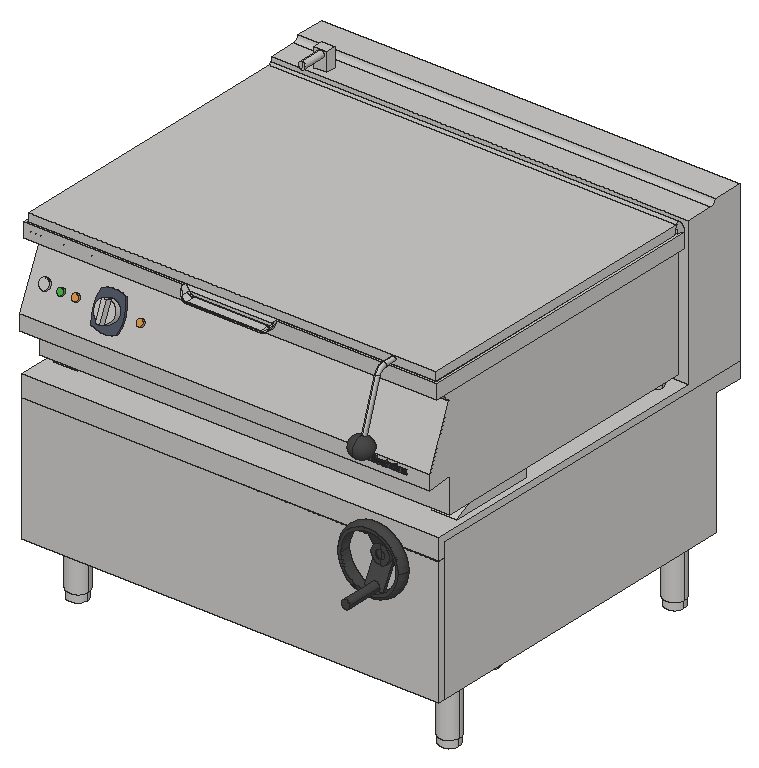
Revit family "QF_ELECTROLUXPROFESSIONAL_391140_E9BRGJDPF0", category Specialty Equipment, Revit 2018
Family settings
  Round Connector Dimension = Use Diameter
  Part Type = Normal
  Work Plane-Based = No
  Always vertical = Yes
  Cut with Voids When Loaded = No
  Shared = No
  Room Calculation Point = No
Parameters
  Width = 1000 mm  # constant formula
  Weight in Pounds = 180  # constant formula
  Watts = 250 VA  # 250 W
  Volts = 230 V  # constant formula
  URL Cutsheet = "www.electrolux.com"
  URL = "www.electrolux.com"
  Type Mark [instance] = ""
  Status [instance] = ""
  Specification by User [instance] = ""
  Specification by Manufacturer = ""
  Show Logo [instance] = yes
  Show Clearance [instance] = yes
  Serial Number = ""
  Seismic Rating = ""
  SMACNA No = ""
  Revision Code [instance] = ""
  Plumbing Remarks [instance] = ""
  Plumbing Connection Type [instance] = ""
  Phase = 1
  Omniclass Number and Title = ""
  Number of Poles [instance] = 1
  NAFEM Spec ID Number = ""
  Model = "391140"
  Min Ckt Ampacity = 0 A
  Mechanical Remarks [instance] = ""
  Mechanical Connection Type [instance] = ""
  Max Overcurrent Protection = 0 A
  Masterspec = ""
  Manufacturer = "ELECTROLUX"
  Item Number [instance] = ""
  Installed By [instance] = ""
  Identify Quantity as Lot [instance] = yes
  Height = 850 mm  # constant formula
  HP = "0.1 HP"
  Gas Size = 12.7 mm  # 1/2"
  Gas RI Height [instance] = 0 mm
  Gas KW = 27  # constant formula
  Gas Input = 26975.1 VA  # 92043.0 Btu/h
  Gas Connection Height [instance] = 0 mm
  Furnished By [instance] = ""
  Foodservice Equipment Identifier [instance] = yes
  FL Amps = if(Phase = 3, Watts / (Volts * 1.73), Watts / Volts)  # 1.08696 A
  Electrical Remarks [instance] = "230 V/1N ph/50/60 Hz"  # constant formula
  Electric Connection Type [instance] = ""
  Elec Conn RI Height [instance] = 0 mm
  Elec Conn Connection Height [instance] = 0 mm
  Direct Waste Size = 0"
  Description = "900XP GAS BRATT PAN – 100 LITER WITH DUOMAT BOTTOM"
  Depth = 915 mm  # constant formula
  Cycle [instance] = if([60 Hertz Option], 60 Hz, 50 Hz)  # 60 Hz
  Conn Plug = ""
  Conn Conduit = yes
  Cold Water Temperature Recommended [instance] = -459.67 °F
  Cold Water Size = 3/4"
  Cold Water RI Height [instance] = 0 mm
  Cold Water Minimum Pressure = 0.00 psi
  Cold Water Maximum Pressure = 0.00 psi
  Cold Water Flow [instance] = 0 GPM
  Cold Water Consumption = ""
  Cold Water Connection Height = 0 mm
  CSI MasterFormat = ""
  CSI Master Format = ""
  Assembly Code = ""
  Apparent Power = if(Phase = 3, Volts * FL Amps * 1.73, Volts * FL Amps)  # 250 VA
  60 Hertz Option [instance] = not([50 Hertz Option])  # yes
  50 Hertz Option [instance] = no
Reference planes
  plane 1 "BACK": y = 0
  plane 2: z = 0
  plane 3 "LEFT": x = 0
  plane 4 "RIGHT": x = 1000
  plane 5 "FRONT": y = -915
  plane 6 "TOP": z = 898
  plane 7 "Center Y": x = 500
  plane 8 "Center X": y = -457.5
  plane 9 "Base": z = 149
  plane 10: z = 502.193
  plane 11: z = 1653
  plane 12: y = -125
  plane 13: y = -799
  plane 14: y = -1034
  plane 15: x = 55
  plane 16: y = -160.853
  plane 17: x = 945
  plane 18: y = -1014
  plane 19: y = -899.182
  plane 20: x = 986
  plane 21: z = 850
  plane 22 "Connection": z = 182
  plane 23: y = -706
  plane 24: x = 265
  plane 25: x = 105
  plane 26: x = 195
Forms (mm)
  Revolve 1, solid, material "QF_Finishes_Stainless Steel"
    sketch origin (0, -125, 0) x (1, 0, 0) y (0, 0, 1)
      loop
        line (55, 0) -> (55, 149) -> (29.6, 149) -> (29.6, 19.05) -> (32.1, 19.05) -> (32.1, 0) -> (55, 0)
      axis (55, 0) -> (55, 149)
    angle from 0 to 360
  Revolve 2, solid, material "QF_Finishes_Stainless Steel"
    sketch origin (0, -799, 0) x (1, 0, 0) y (0, 0, 1)
      loop
        line (55, 0) -> (55, 149) -> (29.6, 149) -> (29.6, 19.05) -> (32.1, 19.05) -> (32.1, 0) -> (55, 0)
      axis (55, 0) -> (55, 149)
    angle from 0 to 360
  Extrusion 3, solid, material "QF_Finishes_Stainless Steel"
    sketch origin (0, -214.682, 0) x (0, 1, 0) y (0, 0, 1)
      loop
        line (214.682, 487.193) -> (214.682, 866.248) -> (143.055, 866.248)
        arc (143.055, 866.248) -> (139.432, 857.502) -> (130.686, 853.88) r 12.368
        line (130.686, 853.88) -> (64.682, 853.88) -> (64.682, 502.193) -> (-684.5, 502.193) -> (-684.5, 452.193) -> (-669.5, 452.193) -> (-669.5, 487.193) -> (214.682, 487.193)
      loop
        line (-669.5, 149) -> (-669.5, 451.193) -> (-684.5, 451.193) -> (-684.5, 149) -> (-669.5, 149)
    from 0 to 1000
  Extrusion 4, solid, material "QF_Finishes_Stainless Steel"
    sketch origin (0, -214.682, 0) x (0, 1, 0) y (0, 0, 1)
      loop
        line (44.029, 528.406) -> (44.029, 817.127) -> (-678.5, 817.127) -> (-678.5, 809.681) -> (-643.264, 774.446) -> (-700.318, 641.094) -> (-700.318, 606.094) -> (-640.765, 613.406) -> (-640.765, 528.406) -> (44.029, 528.406)
    from 10 to 990
  Sweep 5, solid, material "QF_Finishes_Stainless Steel"
    path origin (0, -204.882, 145) x (-1, 0, 0) y (0, -1, 0)
      loop
        line (-389.998, 694.3) -> (-5, 694.3) -> (-5, -44.029) -> (-995, -44.029) -> (-995, 694.3) -> (-610.002, 694.3)
    profile origin (802.501, -899.182, 145) x (0, -1, 0) y (0, 0, 1)
      loop
        line (-5, 651.359) -> (0, 651.359) -> (0, 685.301) -> (-6, 685.301) -> (-6, 681.062) -> (-5, 681.062) -> (-5, 651.359)
  Extrusion 6, solid, material "QF_Finishes_Stainless Steel"
    sketch origin (0, -214.682, -5) x (0, 1, 0) y (0, 0, 1)
      loop
        line (33.715, 835.301) -> (42.572, 855) -> (-677.138, 855) -> (-677.138, 835.301) -> (33.715, 835.301)
      loop
        arc (64.305, 837.022) -> (57.071, 850.749) -> (45.92, 861.539) r 49.182
        line (45.92, 861.539) -> (39.069, 846.301) -> (45.904, 846.301) -> (45.904, 832.604) -> (64.305, 814.204) -> (64.305, 837.022)
    from 12.363 to 987.637
  Extrusion 7, solid, material "QF_Finishes_Stainless Steel"
    sketch origin (0, -214.682, 0) x (0, 1, 0) y (0, 0, 1)
      loop
        line (-403.818, 528.406) -> (-556.057, 528.406) -> (-609.801, 502.193) -> (-403.818, 502.193) -> (-403.818, 528.406)
    from 16.63 to 76.513
  Extrusion 8, solid, material "QF_Finishes_Stainless Steel"
    sketch origin (0, -207.182, 150) x (-1, 0, 0) y (0, -1, 0)
      loop
        circle (-953.429, -17.496) r 15
      loop
        circle (-46.571, -17.496) r 15
    from 352.193 to 378.406
  Extrusion 9, solid, material "QF_Finishes_Stainless Steel"
    sketch origin (0, -64.682, 0) x (0, 1, 0) y (0, 0, 1)
      loop
        line (-43.387, 853.88) -> (-43.387, 898) -> (-67.444, 898) -> (-67.444, 853.88) -> (-43.387, 853.88)
    from 87.469 to 116.843
  Revolve 10, solid, material "QF_Finishes_Stainless Steel"
    sketch origin (103.25, -64.682, 0) x (0, 1, 0) y (0, 0, 1)
      loop
        line (-67.444, 888.097) -> (-67.444, 896.222) -> (-123.629, 896.222) -> (-123.629, 888.097) -> (-67.444, 888.097)
      axis (-123.629, 888.097) -> (-67.444, 888.097)
    angle from 0 to 360
  Extrusion 11, solid, material "QF_Clearances", visible <- "Show Clearance", detail levels coarse
    sketch origin (0, -214.682, 0) x (1, 0, 0) y (0, 1, 0)
      loop
        line (1000, 214.682) -> (1000, -700.318) -> (1050, -700.318) -> (1050, 264.682) -> (-50, 264.682) -> (-50, -700.318) -> (0, -700.318) -> (0, 214.682) -> (1000, 214.682)
    from 0 to 898
  Extrusion 12, solid, material "QF_Finishes_Stainless Steel"
    sketch origin (1000, 0, 0) x (0, 1, 0) y (0, 0, 1)
      loop
        line (-884.182, 149) -> (-69, 149) -> (-69, 448) -> (0, 448) -> (0, 487.193) -> (-884.182, 487.193) -> (-884.182, 149)
    from 0 to -1000
  Revolve 13, solid, material "QF_Finishes_Stainless Steel"
    sketch origin (1000, -125, 0) x (-1, 0, 0) y (0, 0, -1)
      loop
        line (55, 0) -> (32.1, 0) -> (32.1, -19.05) -> (29.6, -19.05) -> (29.6, -149) -> (55, -149) -> (55, 0)
      axis (55, 0) -> (55, -149)
    angle from 0 to 360
  Revolve 14, solid, material "QF_Finishes_Stainless Steel"
    sketch origin (1000, -799, 0) x (-1, 0, 0) y (0, 0, -1)
      loop
        line (55, 0) -> (32.1, 0) -> (32.1, -19.05) -> (29.6, -19.05) -> (29.6, -149) -> (55, -149) -> (55, 0)
      axis (55, 0) -> (55, -149)
    angle from 0 to 360
  Extrusion 15, solid, material "QF_Finishes_Stainless Steel"
    sketch origin (1000, -69, 149) x (-1, 0, 0) y (0, 1, 0)
      loop
        circle (14, -649.182) r 12.7
    from 0 to 5
  Extrusion 16, solid, material "QF_Finishes_Stainless Steel"
    sketch origin (-3.75, -899.182, 149) x (0, 0, 1) y (-1, 0, 0)
      loop
        circle (289.443, -888.75) r 30
    from 0 to 5
  Extrusion 17, solid, material "QF_Finishes_Stainless Steel"
    sketch origin (0, 0, 182) x (-1, 0, 0) y (0, -1, 0)
      loop
        circle (-105, 706) r 6.35
    from 0 to 45
  Extrusion 18, solid, material "QF_Finishes_Stainless Steel"
    sketch origin (21.213, 21.213, 182) x (-1, 0, 0) y (0, -1, 0)
      loop
        circle (-173.787, 719.213) r 6.35
    from 0 to 45
  Extrusion 19, solid, material "QF_Finishes_Stainless Steel"
    sketch origin (130, 0, 182) x (-1, 0, 0) y (0, -1, 0)
      loop
        circle (-135, 706) r 6.35
    from 0 to 45
  Sweep 20, solid, material "QF_Finishes_Black"
    path origin (10, -200.682, -28.57) x (1, 0, 0) y (0, 0, 1)
      loop
        circle (875, 467.193) r 80
    profile origin (885, -200.682, 518.623) x (0, 0, -1) y (0, -1, 0)
      loop
        arc (7.394, 765.784) -> (0.586, 756.102) -> (1.641, 744.313) r 17.21
        line (1.641, 744.313) -> (7.394, 740.784) -> (14.116, 740.784) -> (14.116, 765.784) -> (7.394, 765.784)
  Extrusion 21, solid, material "QF_Finishes_Black"
    sketch origin (10, -200.682, -28.57) x (1, 0, 0) y (0, 0, 1)
      loop
        circle (875, 406.31) r 10
    from 742.86 to 833.318
  Extrusion 22, solid, material "QF_Finishes_Orange"
    sketch origin (9.372, -901.482, 672.689) x (0, 0.393353, 0.919387) y (-1, 0, 0)
      loop
        circle (34.513, -113.251) r 8
    from 0 to 3.175
  Extrusion 23, solid, material "QF_Finishes_Green"
    sketch origin (14.068, -901.51, 672.624) x (0, 0.393353, 0.919387) y (-1, 0, 0)
      loop
        circle (34.513, -73.251) r 8
    from 0 to 3.175
  Extrusion 24, solid, material "QF_Finishes_Stainless Steel"
    sketch origin (-159.296, -918.156, 641.79) x (0, 0.393353, 0.919387) y (-1, 0, 0)
      loop
        circle (68.826, -362.213) r 25.4
    from 0 to 12.7
  Extrusion 25, solid, material "QF_Finishes_Stainless Steel"
    sketch origin (-159.296, -929.832, 646.786) x (0, 0.393353, 0.919387) y (-1, 0, 0)
      loop
        arc (93.558, -367.999) -> (94.226, -362.213) -> (93.558, -356.427) r 25.4
        line (93.558, -356.427) -> (44.094, -356.427)
        arc (44.094, -356.427) -> (43.426, -362.213) -> (44.094, -367.999) r 25.4
        line (44.094, -367.999) -> (93.558, -367.999)
    from 0 to 12.7
  Extrusion 26, solid, material "QF_Finishes_Stainless Steel"
    sketch origin (-189.063, -915, 641.094) x (0, 0.393353, 0.919387) y (-1, 0, 0)
      loop
        circle (71.473, -236.635) r 12.7
    from 0 to 3.2
  Extrusion 27, solid, material "QF_Finishes_Orange"
    sketch origin (164.372, -901.482, 672.689) x (0, 0.393353, 0.919387) y (-1, 0, 0)
      loop
        circle (34.513, -113.251) r 8
    from 0 to 3.175
  Extrusion 28, solid, material "QF_Finishes_Stainless Steel"
    sketch origin (50, -201.682, -15.905) x (1, 0, 0) y (0, 0, 1)
      loop
        line (361.528, 822.127) -> (538.476, 822.127)
        arc (538.476, 822.127) -> (548.276, 824.753) -> (555.45, 831.927) r 19.6
        line (555.45, 831.927) -> (559.998, 839.805) -> (559.998, 846.205) -> (552.678, 833.527)
        arc (552.678, 833.527) -> (546.676, 827.524) -> (538.476, 825.327) r 16.4
        line (538.476, 825.327) -> (361.528, 825.327)
        arc (361.528, 825.327) -> (353.322, 827.526) -> (347.314, 833.534) r 16.413
        line (347.314, 833.534) -> (339.998, 846.205) -> (339.998, 839.805) -> (344.543, 831.934)
        arc (344.543, 831.934) -> (351.722, 824.755) -> (361.528, 822.127) r 19.613
    from 697.5 to 717.595
  Extrusion 29, void
    sketch origin (950, 188.397, 1219.2) x (0, -1, 0) y (0, 0, 1)
      loop
        line (1110.167, -415.736) -> (1110.167, -387.945) -> (1093.05, -387.945) -> (1110.167, -415.736)
    from 290.004 to 610
  Extrusion 30, solid, material "QF_Finishes_Stainless Steel"
    sketch origin (1000, -214.682, 0) x (0, 1, 0) y (0, 0, -1)
      loop
        line (-403.818, -528.406) -> (-403.818, -502.193) -> (-609.801, -502.193) -> (-556.057, -528.406) -> (-403.818, -528.406)
    from 16.63 to 76.513
  Sweep 31, solid, material "QF_Finishes_Stainless Steel"
    path origin (208.879, -214.682, -10) x (0, 1, 0) y (0, 0, 1)
      loop
        line (-677.138, 852.831) -> (-705.492, 852.831)
        arc (-705.492, 852.831) -> (-716.963, 849.214) -> (-724.286, 839.672) r 20
        line (-724.286, 839.672) -> (-765.322, 726.924)
    profile origin (208.879, -905.997, 842.831) x (0, 0, -1) y (1, 0, 0)
      loop
        circle (0, 676.16) r 5
  Revolve 32, solid, material "QF_Finishes_Black"
    sketch origin (883.789, -200.682, -28.57) x (0, 1, 0) y (0, 0, 1)
      loop
        line (-698.5, 467.193) -> (-698.5, 477.193) -> (-713.5, 477.193) -> (-713.5, 482.193) -> (-718.5, 482.193) -> (-718.5, 489.514) -> (-728.5, 489.514) -> (-728.5, 478.353) -> (-727.138, 478.353) -> (-727.138, 467.193) -> (-698.5, 467.193)
      axis (-698.5, 467.193) -> (-728.5, 467.193)
    angle from 0 to 360
  Extrusion 33, solid, material "QF_Finishes_Black"
    sketch origin (208.789, -200.682, -28.57) x (0, 1, 0) y (0, 0, 1)
      loop
        line (-713.5, 457.193) -> (-713.5, 477.193) -> (-744.313, 533.065) -> (-751.622, 533.065) -> (-719.104, 474.103) -> (-719.104, 460.284) -> (-751.622, 401.321) -> (-744.313, 401.321) -> (-713.5, 457.193)
    from 654.029 to 698.392
  Revolve 34, solid, material "QF_Finishes_Black"
    sketch origin (884.991, -194.682, 0) x (0, 1, 0) y (0, 0, 1)
      loop
        line (-785.322, 716.924) -> (-792.738, 719.623)
        arc (-792.738, 719.623) -> (-818.978, 701.075) -> (-800.713, 674.638) r 22.845
        line (-800.713, 674.638) -> (-785.322, 716.924)
      axis (-785.322, 716.924) -> (-800.713, 674.638)
    angle from 0 to 360
  Extrusion 35, solid, material "QF_Clearances", visible <- "Show Clearance", detail levels coarse
    sketch origin (200, -996.643, 709.193) x (0, 0.238373, -0.971174) y (0, 0.971174, 0.238373)
      loop
        line (33.715, 835.301) -> (42.572, 855) -> (-677.138, 855) -> (-677.138, 835.301) -> (33.715, 835.301)
      loop
        arc (64.305, 837.022) -> (57.071, 850.749) -> (45.92, 861.539) r 49.182
        line (45.92, 861.539) -> (39.069, 846.301) -> (45.904, 846.301) -> (45.904, 832.604) -> (64.305, 814.204) -> (64.305, 837.022)
    from -187.637 to 787.637
  Sweep 36, solid, material "QF_Clearances", visible <- "Show Clearance", detail levels coarse
    path origin (208.84, -1001.499, 708.002) x (0, 0.238373, -0.971174) y (0, 0.971174, 0.238373)
      loop
        line (-677.138, 852.831) -> (-705.492, 852.831)
        arc (-705.492, 852.831) -> (-716.963, 849.214) -> (-724.286, 839.672) r 20
        line (-724.286, 839.672) -> (-765.322, 726.924)
    profile origin (208.84, -338.043, 1582.68) x (0, -0.971174, -0.238373) y (1, 0, 0)
      loop
        circle (0, 676.16) r 5
  Revolve 37, solid, material "QF_Clearances", visible <- "Show Clearance", detail levels coarse
    sketch origin (885, -987.02, 690.962) x (0, 0.238373, -0.971174) y (0, 0.971174, 0.238373)
      loop
        line (-785.322, 716.924) -> (-792.738, 719.623)
        arc (-792.738, 719.623) -> (-818.978, 701.075) -> (-800.713, 674.638) r 22.845
        line (-800.713, 674.638) -> (-785.322, 716.924)
      axis (-785.322, 716.924) -> (-800.713, 674.638)
    angle from 0 to 360
  Extrusion 38, solid, material "QF_Finishes_Navy Blue"
    sketch origin (-55.546, -1052.067, 320.727) x (0, 0.393353, 0.919387) y (-1, 0, 0)
      loop
        arc (453.989, -230.321) -> (416.907, -221.34) -> (379.375, -228.202) r 91.844
        arc (379.375, -228.202) -> (372.249, -258.844) -> (379.375, -289.487) r 69.441
        arc (379.375, -289.487) -> (416.897, -296.198) -> (453.989, -287.419) r 93.759
        arc (453.989, -287.419) -> (460.218, -258.87) -> (453.989, -230.321) r 68.543
    from 0 to 3.175
  Extrusion 39, solid, material "QF_Finishes_Navy Blue", visible <- "Show Logo"
    sketch origin (681.175, -915, 608.853) x (0, 0, 1) y (-1, 0, 0)
      loop
        line (27.359, -159.055) -> (14.993, -159.055)
        arc (14.993, -159.055) -> (21.176, -163.626) -> (27.359, -159.055) r 6.467
      loop
        arc (27.359, -158.426) -> (26.19, -153.283) -> (21.534, -150.805) r 6.338
        line (21.534, -150.805) -> (21.534, -152.851)
        arc (21.534, -152.851) -> (23.018, -156.506) -> (26.464, -158.426) r 5.941
        line (26.464, -158.426) -> (27.359, -158.426)
      loop
        arc (15.888, -158.426) -> (19.334, -156.506) -> (20.817, -152.851) r 5.941
        line (20.817, -152.851) -> (20.817, -150.805)
        arc (20.817, -150.805) -> (16.123, -153.279) -> (14.834, -158.426) r 6.504
        line (14.834, -158.426) -> (15.888, -158.426)
      loop
        line (28.034, -150.336) -> (14.29, -150.336) -> (14.29, -164.099) -> (28.034, -164.099) -> (28.034, -150.336)
      loop
        arc (28.118, -167.066) -> (27.77, -166.709) -> (27.403, -167.047) r 0.358
        arc (27.403, -167.047) -> (27.089, -167.797) -> (26.372, -168.182) r 1.216
        line (26.372, -168.182) -> (15.959, -168.182)
        arc (15.959, -168.182) -> (15.299, -167.904) -> (14.903, -167.308) r 1.238
        arc (14.903, -167.308) -> (14.509, -167.057) -> (14.203, -167.411) r 0.358
        line (14.203, -167.411) -> (14.203, -177.29) -> (16.954, -177.29) -> (16.954, -176.393)
        arc (16.954, -176.393) -> (16.045, -175.813) -> (15.589, -174.836) r 1.928
        line (15.589, -174.836) -> (15.589, -172.337)
        arc (15.589, -172.337) -> (15.865, -171.608) -> (16.553, -171.244) r 1.101
        line (16.553, -171.244) -> (20.64, -171.244) -> (20.64, -174.917)
        arc (20.64, -174.917) -> (20.287, -175.414) -> (19.722, -175.642) r 1.083
        arc (19.722, -175.642) -> (19.459, -175.948) -> (19.751, -176.226) r 0.292
        line (19.751, -176.226) -> (22.713, -176.226)
        arc (22.713, -176.226) -> (23.016, -175.953) -> (22.777, -175.623) r 0.305
        arc (22.777, -175.623) -> (22.286, -175.375) -> (21.981, -174.917) r 1.083
        line (21.981, -174.917) -> (21.981, -171.244) -> (26.659, -171.244) -> (26.659, -174.991)
        arc (26.659, -174.991) -> (26.444, -175.747) -> (25.838, -176.245) r 1.314
        arc (25.838, -176.245) -> (25.619, -176.649) -> (25.973, -176.941) r 0.361
        line (25.973, -176.941) -> (28.118, -176.941) -> (28.118, -167.066)
      loop
        arc (27.4, -177.722) -> (27.02, -178.641) -> (26.101, -179.021) r 1.299
        line (26.101, -179.021) -> (16.522, -179.021)
        arc (16.522, -179.021) -> (15.684, -178.643) -> (15.413, -177.765) r 1.118
        line (15.413, -177.765) -> (14.203, -177.765) -> (14.203, -183.115) -> (15.391, -183.115)
        arc (15.391, -183.115) -> (15.663, -182.198) -> (16.533, -181.802) r 1.153
        line (16.533, -181.802) -> (28.605, -181.802) -> (27.4, -177.722)
      loop
        line (19.168, -185.751) -> (19.168, -192.198) -> (19.967, -192.198)
        arc (19.967, -192.198) -> (22.547, -191.214) -> (23.816, -188.76) r 3.874
        line (23.816, -188.76) -> (23.816, -187)
        arc (23.816, -187) -> (22.629, -184.135) -> (19.765, -182.949) r 4.051
        line (19.765, -182.949) -> (17.757, -182.949)
        arc (17.757, -182.949) -> (14.938, -184.434) -> (13.887, -187.441) r 4.352
        arc (13.887, -187.441) -> (14.251, -189.904) -> (15.629, -191.978) r 5.713
        line (15.629, -191.978) -> (16.578, -191.978)
        arc (16.578, -191.978) -> (15.845, -190.409) -> (15.629, -188.691) r 5.579
        arc (15.629, -188.691) -> (16.422, -186.728) -> (18.301, -185.751) r 3.057
        line (18.301, -185.751) -> (19.168, -185.751)
      loop
        line (20.427, -185.751) -> (20.427, -189.333)
        arc (20.427, -189.333) -> (21.884, -189.38) -> (22.767, -188.221) r 1.59
        line (22.767, -188.221) -> (22.767, -187.391)
        arc (22.767, -187.391) -> (21.902, -186.136) -> (20.427, -185.751) r 2.184
      loop
        arc (23.218, -201.616) -> (23.707, -199.942) -> (23.864, -198.205) r 9.023
        line (23.864, -198.205) -> (23.864, -196.843)
        arc (23.864, -196.843) -> (22.705, -194.043) -> (19.905, -192.883) r 3.959
        line (19.905, -192.883) -> (17.305, -192.883)
        arc (17.305, -192.883) -> (15.023, -194.176) -> (13.906, -196.549) r 4.331
        line (13.906, -196.549) -> (13.906, -198.684)
        arc (13.906, -198.684) -> (14.414, -200.234) -> (15.336, -201.58) r 5.772
        arc (15.336, -201.58) -> (16.098, -201.631) -> (16.184, -200.872) r 0.553
        arc (16.184, -200.872) -> (15.796, -200.138) -> (15.662, -199.319) r 2.573
        line (15.662, -199.319) -> (15.662, -197.804)
        arc (15.662, -197.804) -> (16.668, -196.162) -> (18.483, -195.52) r 2.884
        line (18.483, -195.52) -> (19.762, -195.52)
        arc (19.762, -195.52) -> (21.583, -196.08) -> (22.509, -197.745) r 2.554
        line (22.509, -197.745) -> (22.509, -198.798)
        arc (22.509, -198.798) -> (22.178, -199.726) -> (21.521, -200.461) r 2.564
        arc (21.521, -200.461) -> (21.299, -201.178) -> (21.909, -201.616) r 0.643
        line (21.909, -201.616) -> (23.218, -201.616)
      loop
        line (22.2, -201.886) -> (22.2, -203.387) -> (16.152, -203.387)
        arc (16.152, -203.387) -> (14.564, -204.045) -> (13.906, -205.633) r 2.246
        line (13.906, -205.633) -> (13.906, -207.217)
        arc (13.906, -207.217) -> (14.22, -208.081) -> (14.72, -208.853) r 4.06
        arc (14.72, -208.853) -> (15.453, -208.986) -> (15.704, -208.285) r 0.576
        arc (15.704, -208.285) -> (15.598, -207.759) -> (15.662, -207.227) r 1.69
        arc (15.662, -207.227) -> (16.204, -206.439) -> (17.11, -206.136) r 1.506
        line (17.11, -206.136) -> (22.248, -206.136) -> (22.248, -208.533) -> (22.805, -209.089) -> (23.626, -209.089) -> (23.626, -206.23) -> (26.857, -206.23) -> (22.2, -201.886)
      loop
        line (14.124, -209.987) -> (14.124, -215.374) -> (15.234, -215.374)
        arc (15.234, -215.374) -> (15.627, -214.423) -> (16.578, -214.029) r 1.345
        line (16.578, -214.029) -> (20.195, -214.029)
        arc (20.195, -214.029) -> (20.959, -214.621) -> (21.249, -215.543) r 1.615
        line (21.249, -215.543) -> (21.249, -217.099) -> (23.805, -217.784) -> (23.805, -216.401) -> (21.862, -213.842) -> (23.742, -213.842) -> (23.458, -211.136)
        arc (23.458, -211.136) -> (23.018, -210.606) -> (22.359, -210.807) r 0.621
        arc (22.359, -210.807) -> (21.959, -211.149) -> (21.465, -211.332) r 1.501
        line (21.465, -211.332) -> (16.578, -211.332)
        arc (16.578, -211.332) -> (15.627, -210.938) -> (15.234, -209.987) r 1.345
        line (15.234, -209.987) -> (14.124, -209.987)
      loop
        line (20.225, -217.321) -> (17.533, -217.321)
        arc (17.533, -217.321) -> (15.088, -218.629) -> (13.954, -221.159) r 4.288
        arc (13.954, -221.159) -> (13.89, -222.54) -> (13.954, -223.92) r 15.022
        arc (13.954, -223.92) -> (15.088, -226.451) -> (17.533, -227.758) r 4.288
        line (17.533, -227.758) -> (20.225, -227.758)
        arc (20.225, -227.758) -> (22.671, -226.451) -> (23.805, -223.92) r 4.288
        arc (23.805, -223.92) -> (23.868, -222.54) -> (23.805, -221.159) r 15.022
        arc (23.805, -221.159) -> (22.671, -218.629) -> (20.225, -217.321) r 4.288
      loop
        line (20.43, -220.435) -> (17.328, -220.435)
        arc (17.328, -220.435) -> (15.171, -222.592) -> (17.328, -224.749) r 2.157
        line (17.328, -224.749) -> (20.43, -224.749)
        arc (20.43, -224.749) -> (22.587, -222.592) -> (20.43, -220.435) r 2.157
      loop
        arc (27.411, -227.616) -> (27.041, -228.51) -> (26.147, -228.881) r 1.264
        line (26.147, -228.881) -> (16.282, -228.881)
        arc (16.282, -228.881) -> (15.412, -228.484) -> (15.141, -227.568) r 1.153
        line (15.141, -227.568) -> (14.203, -227.568) -> (14.203, -232.676) -> (15.131, -232.676)
        arc (15.131, -232.676) -> (15.49, -231.904) -> (16.282, -231.589) r 1.153
        line (16.282, -231.589) -> (28.605, -231.589) -> (27.411, -227.616)
      loop
        arc (22.531, -232.213) -> (22.332, -233.278) -> (21.363, -233.76) r 1.215
        line (21.363, -233.76) -> (16.343, -233.76)
        arc (16.343, -233.76) -> (14.728, -234.407) -> (14.008, -235.99) r 2.338
        line (14.008, -235.99) -> (14.008, -237.505)
        arc (14.008, -237.505) -> (14.182, -238.509) -> (14.684, -239.395) r 2.979
        line (14.684, -239.395) -> (14.203, -241.192) -> (14.203, -242.88) -> (23.629, -242.88) -> (23.335, -238.677) -> (22.548, -238.677)
        arc (22.548, -238.677) -> (22.192, -239.513) -> (21.44, -240.022) r 1.605
        line (21.44, -240.022) -> (16.337, -240.022)
        arc (16.337, -240.022) -> (15.917, -239.085) -> (15.844, -238.061) r 2.94
        arc (15.844, -238.061) -> (16.405, -236.96) -> (17.558, -236.517) r 1.724
        line (17.558, -236.517) -> (23.755, -236.517) -> (22.531, -232.213)
      loop
        line (23.559, -243.734) -> (21.887, -245.78) -> (18.713, -248.086) -> (15.257, -244.974)
        arc (15.257, -244.974) -> (15.02, -244.58) -> (15.042, -244.121) r 0.789
        line (15.042, -244.121) -> (14.203, -244.121) -> (14.203, -247.666) -> (15.029, -247.666)
        arc (15.029, -247.666) -> (15.372, -247.304) -> (15.862, -247.396) r 0.52
        line (15.862, -247.396) -> (17.661, -248.867) -> (15.543, -250.242)
        arc (15.543, -250.242) -> (15.142, -249.932) -> (15.055, -249.433) r 0.7
        line (15.055, -249.433) -> (14.203, -249.433) -> (14.203, -255.36) -> (15.09, -255.36)
        arc (15.09, -255.36) -> (15.157, -254.701) -> (15.552, -254.17) r 1.247
        line (15.552, -254.17) -> (19.751, -250.889) -> (22.198, -252.942) -> (23.559, -254.684) -> (23.559, -250.96) -> (22.074, -251.383) -> (20.553, -250.106) -> (22.253, -248.916) -> (23.559, -249.692) -> (23.559, -243.734)
    from 0 to 1.644
  Extrusion 40, solid, material "QF_Finishes_Stainless Steel"
    sketch origin (390.002, -899.182, 830.301) x (-1, 0, 0) y (0, 0, -1)
      loop
        line (0.004, 33.941) -> (-220, 33.941) -> (-220, -0.006) -> (-212.677, 12.678)
        arc (-212.677, 12.678) -> (-206.674, 18.681) -> (-198.474, 20.878) r 16.4
        line (-198.474, 20.878) -> (-21.526, 20.878)
        arc (-21.526, 20.878) -> (-13.32, 18.679) -> (-7.312, 12.672) r 16.413
        line (-7.312, 12.672) -> (0.004, 0) -> (0.004, 33.941)
    from 0 to -6
Cuts and joins
  Extrusion 29 cuts Extrusion 28
  joined: Sweep 5, Extrusion 28, Extrusion 40
Lines and regions (mm)
  symbolic lines
    curve 1: line (10, -915, 149) -> (197.131, -915, 149)
    curve 2: line (0, -899.182, 149) -> (380.622, -899.182, 149)
    curve 3: line (5, -160.853, 149) -> (5, -899.182, 149)
    curve 4: line (0, 0, 149) -> (0, -899.182, 149)
    curve 5: line (1000, -899.182, 149) -> (1000, 0, 149)
    curve 6: line (5, -160.853, 149) -> (95.125, -160.853, 149)
    curve 7: line (989, -171.653, 149) -> (111.375, -171.653, 149)
    curve 8: line (0, -71.628, 149) -> (1000, -71.628, 149)
    curve 9: line (111.375, -160.853, 149) -> (995, -160.853, 149)
    curve 10: line (95.125, -172.111, 149) -> (12.363, -172.111, 149)
    curve 11: line (90.942, -172.111, 149) -> (90.942, -192.672, 149)
    curve 12: line (117.192, -171.653, 149) -> (117.192, -192.672, 149)
    curve 13: arc (90.942, -192.672, 149) -> (104.067, -205.797, 149) -> (117.192, -192.672, 149) r 13.125
    curve 14: line (604.543, -915, 149) -> (880, -915, 149)
    curve 15: line (12.363, -891.82, 149) -> (987.637, -891.82, 149)
    curve 16: line (0, 0, 149) -> (1000, 0, 149)
    curve 20: line (880, -980.005, 149) -> (880, -891.82, 149)
    curve 21: line (890, -980.005, 149) -> (890, -891.82, 149)
    curve 22: spline (885, -987.42, 149) -> (886.603, -987.265, 149) -> (888.14, -986.808, 149) -> (889.545, -986.066, 149) -> (890.761, -985.072, 149) -> (891.737, -983.866, 149) -> (892.431, -982.499, 149) -> (892.815, -981.028, 149) -> (892.874, -979.515, 149) -> (892.604, -978.022, 149) -> (892.016, -976.611, 149) -> (891.136, -975.342, 149) -> (890, -974.268, 149)
    curve 23: spline (890, -980.005, 149) -> (889.957, -980.618, 149) -> (889.83, -981.221, 149) -> (889.619, -981.803, 149) -> (889.33, -982.354, 149) -> (888.967, -982.865, 149) -> (888.536, -983.327, 149) -> (888.044, -983.732, 149) -> (887.5, -984.074, 149) -> (886.913, -984.345, 149) -> (886.294, -984.543, 149) -> (885.653, -984.663, 149) -> (885, -984.703, 149)
    curve 24: spline (885, -984.703, 149) -> (884.347, -984.663, 149) -> (883.706, -984.543, 149) -> (883.087, -984.345, 149) -> (882.5, -984.074, 149) -> (881.956, -983.732, 149) -> (881.464, -983.327, 149) -> (881.033, -982.865, 149) -> (880.67, -982.354, 149) -> (880.381, -981.803, 149) -> (880.17, -981.221, 149) -> (880.043, -980.618, 149) -> (880, -980.005, 149)
    curve 25: spline (880, -974.268, 149) -> (878.864, -975.342, 149) -> (877.984, -976.611, 149) -> (877.396, -978.022, 149) -> (877.126, -979.515, 149) -> (877.185, -981.028, 149) -> (877.569, -982.499, 149) -> (878.263, -983.866, 149) -> (879.239, -985.072, 149) -> (880.455, -986.066, 149) -> (881.86, -986.808, 149) -> (883.397, -987.265, 149) -> (885, -987.42, 149)
    curve 26: line (95.125, -188.311, 149) -> (111.375, -188.311, 149)
    curve 27: line (95.125, -132.127, 149) -> (95.125, -188.311, 149)
    curve 28: line (111.375, -188.311, 149) -> (111.375, -132.127, 149)
    curve 29: line (87.469, -132.127, 149) -> (116.843, -132.127, 149)
    curve 30: line (87.469, -108.069, 149) -> (87.469, -132.127, 149)
    curve 31: line (116.843, -108.069, 149) -> (87.469, -108.069, 149)
    curve 32: line (116.843, -132.127, 149) -> (116.843, -108.069, 149)
    curve 33: line (0, -150, 182) -> (95.125, -150, 182)
    curve 34: line (1000, -150, 182) -> (111.375, -150, 182)
    curve 35: line (12.363, -891.82, 149) -> (12.363, -172.111, 149)
    curve 36: line (987.637, -891.82, 149) -> (987.637, -171.653, 149)
    curve 37: line (990, -915, 182) -> (990, -899.182, 182)
    curve 38: line (10, -899.182, 182) -> (10, -915, 182)
    curve 39: line (995, -160.853, 149) -> (995, -899.182, 149)
    curve 40: line (197.131, -924.708, 149) -> (197.131, -899.182, 149)
    curve 41: line (208.703, -924.708, 149) -> (208.703, -899.182, 149)
    curve 42: line (197.131, -924.708, 149) -> (208.703, -924.708, 149)
    curve 43: line (197.131, -915.021, 149) -> (180.061, -915.021, 149)
    curve 44: line (197.131, -915.021, 149) -> (25.774, -915.021, 149)
    curve 45: spline (208.703, -912.487, 182) -> (212.151, -912.066, 182) -> (215.413, -911.457, 182) -> (218.422, -910.673, 182) -> (221.118, -909.728, 182) -> (223.446, -908.643, 182) -> (225.359, -907.438, 182) -> (226.819, -906.14, 182) -> (227.796, -904.772, 182) -> (228.27, -903.365, 182) -> (228.233, -901.945, 182) -> (227.683, -900.541, 182) -> (226.634, -899.182, 182)
    curve 46: spline (225.812, -907.085, 182) -> (226.505, -906.99, 182) -> (227.196, -906.892, 182) -> (227.884, -906.792, 182) -> (228.569, -906.688, 182) -> (229.251, -906.581, 182) -> (229.93, -906.472, 182) -> (230.606, -906.36, 182) -> (231.28, -906.245, 182) -> (231.95, -906.127, 182) -> (232.617, -906.007, 182) -> (233.28, -905.884, 182) -> (233.941, -905.758, 182)
    curve 47: spline (233.941, -905.758, 182) -> (234.472, -905.225, 182) -> (234.983, -904.689, 182) -> (235.472, -904.15, 182) -> (235.94, -903.608, 182) -> (236.386, -903.063, 182) -> (236.811, -902.515, 182) -> (237.215, -901.965, 182) -> (237.596, -901.413, 182) -> (237.956, -900.858, 182) -> (238.294, -900.302, 182) -> (238.609, -899.743, 182) -> (238.903, -899.182, 182)
    curve 48: spline (197.131, -912.487, 182) -> (193.683, -912.066, 182) -> (190.421, -911.457, 182) -> (187.412, -910.673, 182) -> (184.717, -909.728, 182) -> (182.389, -908.643, 182) -> (180.475, -907.438, 182) -> (179.015, -906.14, 182) -> (178.038, -904.772, 182) -> (177.564, -903.365, 182) -> (177.602, -901.945, 182) -> (178.151, -900.541, 182) -> (179.201, -899.182, 182)
    curve 49: spline (167.58, -899.182, 182) -> (167.88, -899.743, 182) -> (168.203, -900.303, 182) -> (168.549, -900.86, 182) -> (168.917, -901.415, 182) -> (169.307, -901.967, 182) -> (169.72, -902.517, 182) -> (170.154, -903.065, 182) -> (170.611, -903.61, 182) -> (171.09, -904.151, 182) -> (171.59, -904.69, 182) -> (172.112, -905.225, 182) -> (172.656, -905.758, 182)
    curve 50: spline (172.656, -905.758, 182) -> (173.244, -905.87, 182) -> (173.834, -905.98, 182) -> (174.427, -906.088, 182) -> (175.022, -906.194, 182) -> (175.62, -906.297, 182) -> (176.22, -906.398, 182) -> (176.823, -906.498, 182) -> (177.428, -906.594, 182) -> (178.036, -906.689, 182) -> (178.645, -906.781, 182) -> (179.257, -906.871, 182) -> (179.871, -906.959, 182)
    curve 51: line (208.703, -915, 149) -> (395.45, -915, 149)
    curve 52: line (619.371, -899.182, 149) -> (880, -899.182, 149)
    curve 53: line (890, -899.182, 149) -> (1000, -899.182, 149)
    curve 54: line (890, -915, 149) -> (990, -915, 149)
    curve 55: line (895, -1034, 182) -> (895, -1012.058, 182)
    curve 56: line (875, -1034, 182) -> (875, -1012.092, 182)
    curve 57: line (875, -1034, 182) -> (895, -1034, 182)
    curve 58: line (957.606, -966.466, 182) -> (901.189, -966.466, 182)
    curve 59: line (812.394, -941.466, 182) -> (880, -941.466, 182)
    curve 60: line (806.641, -944.996, 182) -> (880, -944.996, 182)
    curve 61: arc (963.359, -944.996, 182) -> (964.431, -956.789, 182) -> (957.606, -966.466, 182) r 17.151
    curve 62: line (957.606, -941.466, 182) -> (963.359, -944.996, 182)
    curve 63: line (908.392, -915, 182) -> (908.392, -941.466, 182)
    curve 64: line (864.029, -941.466, 182) -> (864.029, -915, 182)
    curve 65: arc (806.641, -944.996, 182) -> (805.569, -956.789, 182) -> (812.394, -966.466, 182) r 17.151
    curve 66: line (812.394, -941.466, 182) -> (806.641, -944.996, 182)
    curve 67: line (890, -944.996, 182) -> (963.359, -944.996, 182)
    curve 68: line (890, -941.466, 182) -> (957.606, -941.466, 182)
    curve 69: line (812.394, -966.466, 182) -> (868.726, -966.466, 182)
    curve 70: arc (880, -961.394, 182) -> (884.914, -1014.03, 182) -> (890, -961.41, 182) r 26.552
    curve 71: line (619.371, -899.182, 182) -> (605.448, -914.035, 182)
    curve 72: spline (605.442, -914.033, 182) -> (604.902, -914.595, 182) -> (604.301, -915.14, 182) -> (603.641, -915.666, 182) -> (602.924, -916.17, 182) -> (602.153, -916.653, 182) -> (601.331, -917.111, 182) -> (600.459, -917.544, 182) -> (599.542, -917.95, 182) -> (598.582, -918.327, 182) -> (597.581, -918.675, 182) -> (596.544, -918.992, 182) -> (595.475, -919.277, 182)
    curve 73: line (404.523, -919.277, 182) -> (595.475, -919.277, 182)
    curve 74: line (394.541, -914.031, 182) -> (380.622, -899.182, 182)
    curve 75: spline (404.523, -919.277, 182) -> (403.452, -918.992, 182) -> (402.414, -918.675, 182) -> (401.413, -918.327, 182) -> (400.452, -917.949, 182) -> (399.534, -917.543, 182) -> (398.662, -917.11, 182) -> (397.838, -916.651, 182) -> (397.067, -916.168, 182) -> (396.35, -915.663, 182) -> (395.689, -915.137, 182) -> (395.087, -914.592, 182) -> (394.547, -914.029, 182)
  symbolic lines, style "QF_Clearances", visible <- "Show Clearance", detail levels coarse
    curve 17: line (-50, 50, 150) -> (-50, -918.182, 150)
    curve 18: line (1050, 50, 150) -> (1050, -915, 150)
    curve 19: line (1050, 50, 150) -> (-50, 50, 150)
Dimensions and locks
  equal spacing: plane 3 "LEFT", plane 7 "Center Y", plane 4 "RIGHT"
  "Width": plane 3 "LEFT" to plane 4 "RIGHT"
  equal spacing: plane 5 "FRONT", plane 8 "Center X", plane 1 "BACK"
  "Depth": plane 5 "FRONT" to plane 1 "BACK"
  "Height": plane 21 to level
  plane 9 "Base" to level = 149 mm
  plane 11 to level = 1653 mm
  plane 11 to plane 2 = 1653 mm
  plane 9 "Base" to plane 2 = 149 mm
  plane 13 to plane 12 = 674 mm
  plane 5 "FRONT" to plane 1 "BACK" = 915 mm
  plane 1 "BACK" to plane 14 = 1034 mm  (x2)
  plane 6 "TOP" to plane 2 = 898 mm
  plane 14 to plane 1 "BACK" = 1034 mm
  plane 4 "RIGHT" to plane 17 to plane 15 to plane 3 "LEFT" = 55 mm, 890 mm, 55 mm
  plane 1 "BACK" to plane 18 = 1014 mm
  Extrusion 12 to plane 1 "BACK" = 69 mm
  Extrusion 6 to plane 9 "Base" = 701 mm
  plane 2 to Extrusion 12 = 448 mm
  Extrusion 3 to plane 13 = 100.182 mm
  plane 12 to Extrusion 12 = 56 mm
  plane 4 "RIGHT" to plane 20 = 14 mm
  plane 21 to plane 9 "Base" to level = 701 mm, 149 mm
  plane 1 "BACK" to Extrusion 12 = 69 mm
  Extrusion 12 to plane 12 = 56 mm
  plane 12 to plane 13 = 674 mm
  plane 13 to Extrusion 3 = 100.182 mm
  Extrusion 12 to level = 448 mm
  plane 6 "TOP" to level = 898 mm
  plane 22 "Connection" to level = 182 mm
  plane 1 "BACK" to plane 23 = 706 mm
  plane 3 "LEFT" to Extrusion 17 sketch curve = 105 mm
  Extrusion 18 sketch curve to plane 1 "BACK" = 698 mm
  plane 3 "LEFT" to Extrusion 18 sketch curve = 195 mm
  Extrusion 18 to plane 1 "BACK" = 698 mm
  plane 3 "LEFT" to Extrusion 19 sketch curve = 265 mm
  plane 3 "LEFT" to plane 25 = 105 mm
  plane 3 "LEFT" to plane 26 = 195 mm
  plane 3 "LEFT" to plane 24 = 265 mm
  Extrusion 3 to Extrusion 15 = 181 mm
  Extrusion 15 to Extrusion 3 = 181 mm
  aligned and locked: level to plane 2
  aligned and locked: Extrusion 12 to plane 3 "LEFT"
Automatic sketch dimensions
  curve 8 to plane 4 "RIGHT" = 0 mm
  plane 5 "FRONT" to curve 54 = 0 mm
  plane 5 "FRONT" to curve 14 = 0 mm
  plane 5 "FRONT" to curve 51 = 0 mm
  plane 5 "FRONT" to curve 1 = 0 mm
  curve 4 to plane 3 "LEFT" = 0 mm
  plane 1 "BACK" to curve 16 = 0 mm
  curve 39 to plane 4 "RIGHT" = 5 mm
  plane 20 to curve 54 = 4 mm
  plane 20 to curve 7 = 3 mm
  curve 7 to curve 36 = 1.363 mm
  plane 17 to curve 25 = 52.109 mm
  curve 22 to curve 25 = 0 mm
  curve 22 to curve 24 = 2.891 mm
  curve 53 to plane 5 "FRONT" = 15.818 mm
  plane 17 to curve 53 = 55 mm
  curve 24 to curve 22 = 5 mm
  curve 23 to curve 25 = 0 mm
  curve 51 to plane 24 = 130.45 mm
  curve 2 to plane 24 = 115.622 mm
  curve 41 to plane 26 = 13.703 mm
  curve 1 to plane 26 = 2.131 mm
  plane 5 "FRONT" to curve 43 = 0.021 mm
  plane 26 to curve 43 = 14.939 mm
  curve 13 to plane 25 = 12.192 mm
  curve 29 to plane 25 = 11.843 mm
  curve 26 to plane 25 = 6.375 mm
  plane 25 to curve 13 = 0.933 mm
  curve 10 to curve 11 = 4.184 mm
  plane 25 to curve 31 = 17.531 mm
  plane 5 "FRONT" to curve 44 = 0.021 mm
  plane 3 "LEFT" to curve 44 = 25.774 mm
  plane 3 "LEFT" to curve 35 = 12.363 mm
  plane 3 "LEFT" to curve 1 = 10 mm
  plane 3 "LEFT" to curve 3 = 5 mm
  plane 12 to curve 8 = 53.372 mm
  plane 12 to curve 31 = 16.931 mm
  curve 29 to plane 12 = 7.127 mm
  curve 9 to plane 12 = 35.853 mm
  curve 6 to curve 9 = 0 mm
  curve 9 to curve 12 = 10.8 mm
  curve 3 to curve 35 = 11.257 mm
  curve 10 to curve 27 = 16.201 mm
  curve 26 to curve 13 = 4.36 mm
  curve 15 to curve 39 = 7.363 mm
  curve 15 to curve 2 = 7.363 mm
  curve 20 to curve 52 = 7.363 mm
  curve 44 to curve 42 = 9.687 mm
  plane 18 to curve 22 = 39.732 mm
  curve 25 to curve 22 = 0 mm
  curve 22 to curve 23 = 5.737 mm
  curve 20 to curve 23 = 0 mm
  curve 25 to curve 23 = 0 mm
  curve 23 to curve 25 = 2.717 mm
  plane 5 "FRONT" to curve 18 = 0 mm
  plane 4 "RIGHT" to curve 18 = 50 mm
  plane 5 "FRONT" to curve 17 = 3.182 mm
  curve 17 to plane 3 "LEFT" = 50 mm
  curve 17 to plane 1 "BACK" = 50 mm
  Revolve 1 sketch curve to plane 9 "Base" = 0 mm  (x2)
  Revolve 1 sketch curve to level = 0 mm
  Revolve 1 sketch curve to plane 15 = 0 mm  (x2)
  Revolve 1 sketch curve to Revolve 1 sketch curve = 22.9 mm
  Revolve 1 sketch curve to Revolve 1 sketch curve = 2.5 mm
  level to Revolve 1 sketch curve = 19.05 mm
  Revolve 1 sketch curve to plane 22 "Connection" = 13 mm
  Revolve 2 sketch curve to plane 9 "Base" = 0 mm  (x2)
  Revolve 2 sketch curve to level = 0 mm
  Revolve 2 sketch curve to plane 15 = 0 mm  (x2)
  Revolve 2 sketch curve to Revolve 2 sketch curve = 22.9 mm
  Revolve 2 sketch curve to Revolve 2 sketch curve = 2.5 mm
  level to Revolve 2 sketch curve = 19.05 mm
  Revolve 2 sketch curve to plane 22 "Connection" = 13 mm
  Extrusion 3 sketch curve to plane 10 = 0 mm
  Extrusion 3 sketch curve to plane 9 "Base" = 0 mm
  Extrusion 3 sketch curve to plane 1 "BACK" = 0 mm
  plane 21 to Extrusion 3 sketch curve = 16.248 mm
  plane 12 to Extrusion 3 sketch curve = 53.372 mm
  Extrusion 3 sketch curve to Extrusion 3 sketch curve = 12.368 mm
  Extrusion 3 sketch curve to plane 12 = 25 mm
  Extrusion 3 sketch curve to plane 5 "FRONT" = 30.818 mm  (x2)
  Extrusion 3 sketch curve to plane 10 = 15 mm
  Extrusion 3 sketch curve to Extrusion 3 sketch curve = 15 mm
  Extrusion 3 sketch curve to plane 5 "FRONT" = 15.818 mm
  Extrusion 3 sketch curve to Extrusion 3 sketch curve = 36 mm
  Extrusion 3 sketch curve to Extrusion 3 sketch curve = 1 mm
  Extrusion 4 sketch curve to plane 5 "FRONT" = 0 mm
  Extrusion 4 sketch curve to plane 5 "FRONT" = 21.818 mm
  Extrusion 4 sketch curve to Extrusion 4 sketch curve = 35.236 mm
  plane 10 to Extrusion 4 sketch curve = 26.213 mm
  Extrusion 4 sketch curve to plane 13 = 56.447 mm
  Extrusion 4 sketch curve to plane 12 = 45.653 mm
  Extrusion 4 sketch curve to Extrusion 4 sketch curve = 77.688 mm
  Extrusion 4 sketch curve to Extrusion 4 sketch curve = 7.312 mm
  Extrusion 4 sketch curve to Extrusion 4 sketch curve = 35 mm
  Extrusion 4 sketch curve to plane 21 = 75.554 mm
  Extrusion 4 sketch curve to plane 21 = 40.319 mm
  Extrusion 4 sketch curve to plane 21 = 32.873 mm
  Sweep 5 sketch curve to profile plane = 0 mm
  profile plane to Sweep 5 sketch curve = 5 mm
  Sweep 5 sketch curve to Sweep 5 sketch curve = 1 mm
  profile plane to Sweep 5 sketch curve = 651.359 mm
  Sweep 5 sketch curve to Sweep 5 sketch curve = 29.703 mm
  Sweep 5 sketch curve to Sweep 5 sketch curve = 4.238 mm
  Extrusion 6 sketch curve to plane 21 = 0 mm
  Extrusion 6 sketch curve to plane 5 "FRONT" = 23.18 mm
  Extrusion 6 sketch curve to plane 21 = 33.757 mm
  Extrusion 6 sketch curve to plane 12 = 71.96 mm
  Extrusion 6 sketch curve to plane 21 = 19.699 mm
  Extrusion 6 sketch curve to Extrusion 6 sketch curve = 15.993 mm
  Extrusion 6 sketch curve to plane 21 = 8.699 mm
  Extrusion 6 sketch curve to Extrusion 6 sketch curve = 5.354 mm
  Extrusion 6 sketch curve to Extrusion 6 sketch curve = 3.503 mm
  Extrusion 6 sketch curve to Extrusion 6 sketch curve = 12.189 mm
  Extrusion 6 sketch curve to Extrusion 6 sketch curve = 3.348 mm
  Extrusion 6 sketch curve to Extrusion 6 sketch curve = 18.4 mm
  Extrusion 6 sketch curve to Extrusion 6 sketch curve = 32.097 mm
  Extrusion 6 sketch curve to Extrusion 6 sketch curve = 2.697 mm
  Extrusion 6 sketch curve to plane 21 = 17.978 mm
  Extrusion 7 sketch curve to plane 10 = 0 mm
  Extrusion 7 sketch curve to plane 13 = 25.484 mm
  plane 13 to Extrusion 7 sketch curve = 28.261 mm
  plane 23 to Extrusion 7 sketch curve = 87.5 mm
  plane 10 to Extrusion 7 sketch curve = 26.213 mm
  Extrusion 8 sketch curve to plane 17 = 8.429 mm
  Extrusion 8 sketch curve to plane 15 = 8.429 mm
  Extrusion 8 sketch curve to plane 12 = 64.686 mm  (x2)
  Extrusion 9 sketch curve to plane 6 "TOP" = 0 mm
  Extrusion 9 sketch curve to plane 12 = 7.127 mm
  plane 12 to Extrusion 9 sketch curve = 16.931 mm
  plane 21 to Extrusion 9 sketch curve = 3.88 mm
  Revolve 10 sketch curve to plane 6 "TOP" = 9.903 mm
  Revolve 10 sketch curve to plane 12 = 63.311 mm
  Revolve 10 sketch curve to plane 12 = 7.127 mm
  Revolve 10 sketch curve to Revolve 10 sketch curve = 0 mm  (x2)
  plane 12 to Revolve 10 sketch curve = 1.394 mm
  Revolve 10 sketch curve to plane 6 "TOP" = 1.778 mm
  plane 5 "FRONT" to Extrusion 11 sketch curve = 0 mm  (x2)
  Extrusion 11 sketch curve to plane 3 "LEFT" = 0 mm
  plane 1 "BACK" to Extrusion 11 sketch curve = 0 mm
  Extrusion 11 sketch curve to plane 4 "RIGHT" = 0 mm
  Extrusion 11 sketch curve to plane 3 "LEFT" = 50 mm
  plane 4 "RIGHT" to Extrusion 11 sketch curve = 50 mm
  Extrusion 11 sketch curve to plane 1 "BACK" = 50 mm
  Extrusion 12 sketch curve to plane 9 "Base" = 0 mm
  Extrusion 12 sketch curve to plane 1 "BACK" = 0 mm
  plane 12 to Extrusion 12 sketch curve = 56 mm
  Extrusion 12 sketch curve to plane 5 "FRONT" = 30.818 mm
  Extrusion 12 sketch curve to plane 10 = 54.193 mm
  Extrusion 12 sketch curve to plane 10 = 15 mm
  Revolve 13 sketch curve to plane 9 "Base" = 0 mm  (x2)
  Revolve 13 sketch curve to level = 0 mm
  plane 17 to Revolve 13 sketch curve = 0 mm  (x2)
  Revolve 13 sketch curve to plane 20 = 18.1 mm
  Revolve 13 sketch curve to Revolve 13 sketch curve = 2.5 mm
  Revolve 13 sketch curve to plane 22 "Connection" = 13 mm
  level to Revolve 13 sketch curve = 19.05 mm
  Revolve 14 sketch curve to plane 9 "Base" = 0 mm  (x2)
  Revolve 14 sketch curve to level = 0 mm
  plane 17 to Revolve 14 sketch curve = 0 mm  (x2)
  Revolve 14 sketch curve to plane 20 = 18.1 mm
  Revolve 14 sketch curve to Revolve 14 sketch curve = 2.5 mm
  Revolve 14 sketch curve to plane 22 "Connection" = 13 mm
  level to Revolve 14 sketch curve = 19.05 mm
  Extrusion 15 sketch curve to Extrusion 12 = 14 mm
  Extrusion 15 sketch curve to Extrusion 12 = 166 mm
  Extrusion 16 sketch curve to Extrusion 3 = 12.75 mm
  Extrusion 3 to Extrusion 16 sketch curve = 115 mm
  Extrusion 17 sketch curve to plane 23 = 0 mm
  Extrusion 19 sketch curve to plane 23 = 0 mm
  plane 17 to Sweep 20 sketch curve = 60 mm
  Sweep 20 sketch curve to plane 10 = 63.57 mm
  Sweep 20 sketch curve to profile plane = 1.641 mm
  Sweep 20 sketch curve to profile plane = 7.394 mm
  Sweep 20 sketch curve to Sweep 20 sketch curve = 5.753 mm
  Sweep 20 sketch curve to Sweep 20 sketch curve = 6.722 mm
  Sweep 20 sketch curve to Sweep 20 sketch curve = 3.093 mm
  profile plane to Sweep 20 sketch curve = 740.784 mm
  Sweep 20 sketch curve to Sweep 20 sketch curve = 3.53 mm
  Sweep 20 sketch curve to Sweep 20 sketch curve = 10.864 mm
  plane 17 to Extrusion 21 sketch curve = 60 mm
  Extrusion 21 sketch curve to plane 10 = 124.454 mm
  Extrusion 22 sketch curve to plane 25 = 17.623 mm
  plane 25 to Extrusion 23 sketch curve = 17.681 mm
  Extrusion 24 sketch curve to plane 26 = 7.917 mm
  Extrusion 25 sketch curve to Extrusion 25 sketch curve = 24.732 mm
  Extrusion 25 sketch curve to Extrusion 25 sketch curve = 0 mm
  Extrusion 26 sketch curve to plane 15 = 7.427 mm
  Extrusion 27 sketch curve to plane 24 = 12.623 mm
  Extrusion 29 sketch curve to plane 5 "FRONT" = 10.347 mm
  plane 5 "FRONT" to Extrusion 29 sketch curve = 6.769 mm
  Extrusion 29 sketch curve to plane 21 = 46.536 mm
  Extrusion 29 sketch curve to plane 21 = 18.745 mm
  plane 10 to Extrusion 30 sketch curve = 0 mm
  Extrusion 30 sketch curve to plane 13 = 25.484 mm
  plane 13 to Extrusion 30 sketch curve = 28.261 mm
  plane 23 to Extrusion 30 sketch curve = 87.5 mm
  plane 10 to Extrusion 30 sketch curve = 26.213 mm
  plane 18 to Sweep 31 sketch curve = 33.995 mm
  plane 5 "FRONT" to Sweep 31 sketch curve = 23.968 mm
  plane 5 "FRONT" to Sweep 31 sketch curve = 5.174 mm
  Sweep 31 sketch curve to plane 21 = 7.169 mm
  Sweep 31 sketch curve to plane 5 "FRONT" = 23.18 mm
  Sweep 31 sketch curve to plane 21 = 20.328 mm
  Sweep 31 sketch curve to Sweep 31 sketch curve = 112.748 mm
  Sweep 31 sketch curve to profile plane = 0 mm
  profile plane to Sweep 31 sketch curve = 676.16 mm
  plane 5 "FRONT" to Revolve 32 sketch curve = 29.182 mm
  plane 5 "FRONT" to Revolve 32 sketch curve = 14.182 mm
  Revolve 32 sketch curve to Revolve 32 sketch curve = 0 mm  (x2)
  Revolve 32 sketch curve to Revolve 32 sketch curve = 1.362 mm
  plane 5 "FRONT" to Revolve 32 sketch curve = 4.182 mm
  Revolve 32 sketch curve to plane 5 "FRONT" = 0.818 mm
  Revolve 32 sketch curve to Revolve 32 sketch curve = 15 mm
  Revolve 32 sketch curve to plane 10 = 63.57 mm
  Revolve 32 sketch curve to Revolve 32 sketch curve = 10 mm
  Revolve 32 sketch curve to Revolve 32 sketch curve = 11.16 mm
  Revolve 32 sketch curve to Revolve 32 sketch curve = 5 mm
  Revolve 32 sketch curve to Revolve 32 sketch curve = 7.32 mm
  plane 10 to Extrusion 33 sketch curve = 2.302 mm
  plane 5 "FRONT" to Extrusion 33 sketch curve = 37.304 mm  (x2)
  Extrusion 33 sketch curve to Extrusion 33 sketch curve = 7.309 mm  (x2)
  plane 5 "FRONT" to Extrusion 33 sketch curve = 4.786 mm
  Extrusion 33 sketch curve to plane 5 "FRONT" = 0.818 mm
  Extrusion 33 sketch curve to plane 10 = 53.57 mm
  Extrusion 33 sketch curve to Extrusion 33 sketch curve = 3.091 mm  (x2)
  Extrusion 33 sketch curve to Extrusion 33 sketch curve = 13.819 mm
  Extrusion 33 sketch curve to Extrusion 33 sketch curve = 58.963 mm
  plane 18 to Revolve 34 sketch curve = 18.604 mm
  Revolve 34 sketch curve to Revolve 34 sketch curve = 0 mm  (x4)
  plane 18 to Revolve 34 sketch curve = 22.834 mm
  Revolve 34 sketch curve to Revolve 34 sketch curve = 3.746 mm
  Revolve 34 sketch curve to Revolve 34 sketch curve = 7.415 mm
  plane 10 to Revolve 34 sketch curve = 172.444 mm
  Revolve 34 sketch curve to Revolve 34 sketch curve = 22.45 mm
  Extrusion 35 sketch curve to plane 11 = 87.075 mm
  plane 8 "Center X" to Extrusion 35 sketch curve = 110.667 mm
  Extrusion 35 sketch curve to Extrusion 35 sketch curve = 694.86 mm
  Extrusion 35 sketch curve to Extrusion 35 sketch curve = 15.993 mm
  Extrusion 35 sketch curve to Extrusion 35 sketch curve = 5.354 mm
  Extrusion 35 sketch curve to Extrusion 35 sketch curve = 3.503 mm
  Extrusion 35 sketch curve to Extrusion 35 sketch curve = 12.189 mm
  Extrusion 35 sketch curve to Extrusion 35 sketch curve = 3.348 mm
  Extrusion 35 sketch curve to Extrusion 35 sketch curve = 18.4 mm  (x2)
  Extrusion 35 sketch curve to Extrusion 35 sketch curve = 2.697 mm
  Extrusion 35 sketch curve to Extrusion 35 sketch curve = 14.057 mm
  Extrusion 35 sketch curve to Extrusion 35 sketch curve = 4.418 mm
  Extrusion 35 sketch curve to Extrusion 35 sketch curve = 11 mm
  Extrusion 35 sketch curve to Extrusion 35 sketch curve = 6.539 mm
  Sweep 36 sketch curve to plane 8 "Center X" = 20.462 mm
  Sweep 36 sketch curve to plane 11 = 28.458 mm
  Sweep 36 sketch curve to Sweep 36 sketch curve = 41.037 mm
  Sweep 36 sketch curve to Sweep 36 sketch curve = 18.794 mm
  Sweep 36 sketch curve to Sweep 36 sketch curve = 28.354 mm
  Sweep 36 sketch curve to Sweep 36 sketch curve = 105.908 mm
  Sweep 36 sketch curve to Sweep 36 sketch curve = 6.84 mm
  Sweep 36 sketch curve to profile plane = 0 mm
  profile plane to Sweep 36 sketch curve = 676.16 mm
  Revolve 37 sketch curve to plane 11 = 23.591 mm
  Revolve 37 sketch curve to plane 8 "Center X" = 65.198 mm
  Revolve 37 sketch curve to Revolve 37 sketch curve = 0 mm  (x4)
  Revolve 37 sketch curve to Revolve 37 sketch curve = 4.229 mm
  Revolve 37 sketch curve to Revolve 37 sketch curve = 3.746 mm
  Revolve 37 sketch curve to Revolve 37 sketch curve = 7.415 mm
  Revolve 37 sketch curve to Revolve 37 sketch curve = 22.45 mm
  plane 26 to Extrusion 38 sketch curve = 22.344 mm
  plane 24 to Extrusion 38 sketch curve = 31.059 mm
  Extrusion 38 sketch curve to Extrusion 38 sketch curve = 0 mm
  Extrusion 38 sketch curve to plane 26 = 8.324 mm
  Extrusion 38 sketch curve to Extrusion 38 sketch curve = 12.3 mm  (x2)
  plane 24 to Extrusion 38 sketch curve = 7.4 mm
  Extrusion 38 sketch curve to Extrusion 38 sketch curve = 34.925 mm  (x2)
  Extrusion 38 sketch curve to Extrusion 38 sketch curve = 50.015 mm
  plane 26 to Extrusion 38 sketch curve = 20.225 mm
  plane 17 to Extrusion 39 sketch curve = 41.285 mm
  plane 10 to Extrusion 39 sketch curve = 115.505 mm
  Extrusion 39 sketch curve to Extrusion 39 sketch curve = 5.041 mm
  Extrusion 39 sketch curve to Extrusion 39 sketch curve = 5.06 mm
  Extrusion 39 sketch curve to Extrusion 39 sketch curve = 0 mm  (x28)
  Extrusion 39 sketch curve to Extrusion 39 sketch curve = 5.108 mm  (x2)
  Extrusion 39 sketch curve to Extrusion 39 sketch curve = 0.054 mm
  Extrusion 39 sketch curve to Extrusion 39 sketch curve = 0.218 mm
  Extrusion 39 sketch curve to Extrusion 39 sketch curve = 0.195 mm
  Extrusion 39 sketch curve to Extrusion 39 sketch curve = 0.249 mm
  Extrusion 39 sketch curve to Extrusion 39 sketch curve = 0.316 mm
  Extrusion 39 sketch curve to Extrusion 39 sketch curve = 0.087 mm
  Extrusion 39 sketch curve to Extrusion 39 sketch curve = 0.358 mm
  Extrusion 39 sketch curve to Extrusion 39 sketch curve = 0.481 mm
  Extrusion 39 sketch curve to Extrusion 39 sketch curve = 0.597 mm
  Extrusion 39 sketch curve to Extrusion 39 sketch curve = 0.544 mm
  Extrusion 39 sketch curve to Extrusion 39 sketch curve = 0.936 mm
  Extrusion 39 sketch curve to Extrusion 39 sketch curve = 0.594 mm
  Extrusion 39 sketch curve to Extrusion 39 sketch curve = 0.343 mm
  Extrusion 39 sketch curve to Extrusion 39 sketch curve = 0.159 mm
  Extrusion 39 sketch curve to Extrusion 39 sketch curve = 0.826 mm
  Extrusion 39 sketch curve to Extrusion 39 sketch curve = 0.839 mm
  Extrusion 39 sketch curve to Extrusion 39 sketch curve = 0.852 mm
  Extrusion 39 sketch curve to Extrusion 39 sketch curve = 0.887 mm
  Extrusion 39 sketch curve to Extrusion 39 sketch curve = 0.928 mm
  Extrusion 39 sketch curve to Extrusion 39 sketch curve = 0.938 mm
  Extrusion 39 sketch curve to Extrusion 39 sketch curve = 0.444 mm
  Extrusion 39 sketch curve to Extrusion 39 sketch curve = 1.11 mm  (x3)
  plane 17 to Extrusion 39 sketch curve = 18.851 mm
  Extrusion 39 sketch curve to Extrusion 39 sketch curve = 0.215 mm
  Extrusion 39 sketch curve to Extrusion 39 sketch curve = 1.43 mm
  Extrusion 39 sketch curve to Extrusion 39 sketch curve = 1.188 mm
  Extrusion 39 sketch curve to Extrusion 39 sketch curve = 1.21 mm  (x2)
  Extrusion 39 sketch curve to Extrusion 39 sketch curve = 0.503 mm
  plane 17 to Extrusion 39 sketch curve = 13.582 mm
  Extrusion 39 sketch curve to Extrusion 39 sketch curve = 0.488 mm
  plane 17 to Extrusion 39 sketch curve = 9.655 mm
  Extrusion 39 sketch curve to Extrusion 39 sketch curve = 0.462 mm
  Extrusion 39 sketch curve to Extrusion 39 sketch curve = 1.386 mm
  Extrusion 39 sketch curve to Extrusion 39 sketch curve = 1.742 mm
  Extrusion 39 sketch curve to Extrusion 39 sketch curve = 0.821 mm
  Extrusion 39 sketch curve to Extrusion 39 sketch curve = 0.497 mm
  Extrusion 39 sketch curve to Extrusion 39 sketch curve = 0.539 mm
  Extrusion 39 sketch curve to Extrusion 39 sketch curve = 0.686 mm
  Extrusion 39 sketch curve to Extrusion 39 sketch curve = 0.408 mm
  Extrusion 39 sketch curve to Extrusion 39 sketch curve = 0.743 mm
  Extrusion 39 sketch curve to Extrusion 39 sketch curve = 1.16 mm
  Extrusion 39 sketch curve to Extrusion 39 sketch curve = 0.329 mm
  Extrusion 39 sketch curve to Extrusion 39 sketch curve = 1.054 mm
  Extrusion 39 sketch curve to Extrusion 39 sketch curve = 1.056 mm
  Extrusion 39 sketch curve to Extrusion 39 sketch curve = 0.129 mm
  Extrusion 39 sketch curve to Extrusion 39 sketch curve = 0.489 mm
  Extrusion 39 sketch curve to Extrusion 39 sketch curve = 0.441 mm
  Extrusion 39 sketch curve to Extrusion 39 sketch curve = 1.151 mm
  Extrusion 39 sketch curve to Extrusion 39 sketch curve = 1.141 mm  (x2)
  Extrusion 39 sketch curve to Extrusion 39 sketch curve = 0.768 mm
  Extrusion 39 sketch curve to Extrusion 39 sketch curve = 1.653 mm
